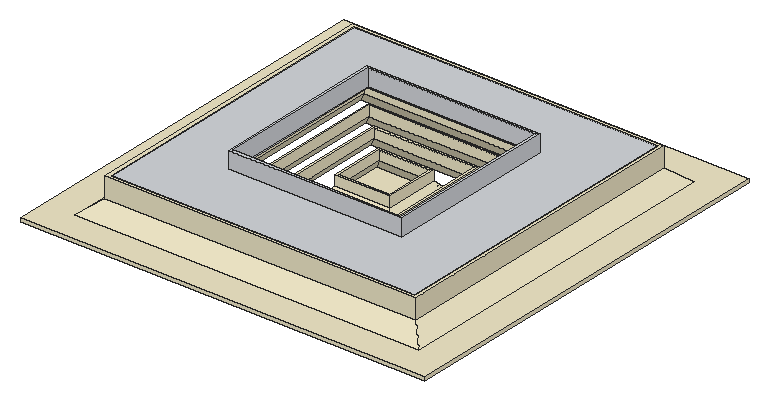
Revit family "Square Diffuser-Square Neck-Fresh Air", category Air Terminals, Revit 2013
Parameters (values of type "600x600-Square Diffuser-Round Neck-Supply")
  UpFlowArrow [instance] = yes
  Title 1 = ""
  Pressure Drop [instance] = 14.0 Pa
  RightFlowArrow [instance] = yes
  Max Flow = 125.0 L/s
  LeftFlowArrow [instance] = yes
  Flow [instance] = 100.0 L/s
  Diffuser Service [instance] = "FA"
  Diffuser Neck Length = 450 mm
  Diffuser Neck Width = 450 mm
  DownFlowArrow [instance] = yes
  Diffuser Total Length = Diffuser Neck Length + 150.0 mm  # 600.0 mm
  Diffuser Total Width = Diffuser Neck Width + 150.0 mm  # 600.0 mm
  Description = ""
  Connection Length [instance] = if(Air Flow < 56.0 L/s, 150.0 mm, if(Air Flow < 91.0 L/s, 200.0 mm, if(Air Flow < 141.0 L/s, 250.0 mm, if(Air Flow < 191.0 L/s, 300.0 mm, if(Air Flow < 301.0 L/s, 300.0 mm, if(Air Flow < 251.0 L/s, 350.0 mm, 400.0 mm))))))  # 250 mm
  Assembly Code = ""
  Air Flow [instance] = Flow  # 100.0 L/s
Types (5, lengths in mm): name | Max Flow | Flow | Diffuser Service | Diffuser Neck Length | Diffuser Neck Width | Diffuser Total Length | Diffuser Total Width | Connection Length | Air Flow
  600x600-Square Diffuser-Round Neck-Supply | 125.0 L/s | 100.0 L/s | "FA" | 450 | 450 | 600.0 | 600.0 | 250 | 100.0 L/s
  525x525-Square Diffuser-Round Neck-Supply | 70.0 L/s | 70.0 L/s | "SD" | 375 | 375 | 525.0 | 525.0 | 200 | 70.0 L/s
  450x450-Square Diffuser-Round Neck-Supply | 70.0 L/s | 70.0 L/s | "SD" | 300 | 300 | 450.0 | 450.0 | 200 | 70.0 L/s
  300x300-Square Diffuser-Round Neck-Supply | 30.0 L/s | 65.0 L/s | "SD" | 225 | 225 | 375.0 | 375.0 | 200 | 65.0 L/s
  375x375-Square Diffuser-Round Neck-Supply | 120.0 L/s | 120.0 L/s | "SD" | 225 | 225 | 375.0 | 375.0 | 250 | 120.0 L/s
Reference planes
  plane 1 "Center (Front/Back)": y = 0
  plane 2: z = 0
  plane 3 "Center (Left/Right)": x = 0
  plane 4: x = -225
  plane 5: x = 225
  plane 6: x = -230
  plane 7: x = 230
  plane 8: y = 225
  plane 9: y = -225
  plane 10: y = 230
  plane 11: y = -230
  plane 12: z = -5
  plane 13: x = -255
  plane 14: x = -300
  plane 15: x = 255
  plane 16: x = 300
  plane 17: z = 20
  plane 18 "Neck": z = 50
  plane 19: y = 350
  plane 20: x = 350
  plane 21: y = -350
  plane 22: x = -350
  plane 23 "Duct Conn": z = 75
  plane 24: x = 125
  plane 25: y = -125
  plane 26: y = 125
  plane 27: y = 128
  plane 28: y = -128
  plane 29: x = -125
  plane 30: x = -128
  plane 31: x = 128
Forms (mm)
  Sweep 1, solid, material "Grille"
    path origin (0, 0, 0) x (1, 0, 0) y (0, 1, 0)
      loop
        line (-230, -230) -> (230, -230) -> (230, 230) -> (-230, 230) -> (-230, -230)
    profile origin (-230, 0, 0) x (-1, 0, 0) y (0, 0, 1)
      loop
        line (70, -5) -> (70, 0) -> (25, 0) -> (0, 20) -> (0, 50) -> (-5, 50) -> (-5, 17.597) -> (23.246, -5) -> (70, -5)
  Sweep 2, solid, material "Grille"
    path origin (0, 0, 0) x (1, 0, 0) y (0, 1, 0)
      loop
        line (-212.5, -212.5) -> (212.5, -212.5) -> (212.5, 212.5) -> (-212.5, 212.5) -> (-212.5, -212.5)
    profile "Sq Diff Fins : Sq Diff Fins" origin (-212.5, 0, 0) x (-1, 0, 0) y (0, 0, 1)
      loop
        line (0, -5) -> (-22, 20) -> (-22, 35) -> (-25, 35) -> (-25, 20) -> (-3.5, -5) -> (0, -5)
  Sweep 3, solid, material "Grille"
    path origin (0, 0, 0) x (1, 0, 0) y (0, 1, 0)
      loop
        line (-175, -175) -> (175, -175) -> (175, 175) -> (-175, 175) -> (-175, -175)
    profile "Sq Diff Fins : Sq Diff Fins" origin (-175, 0, 0) x (-1, 0, 0) y (0, 0, 1)
      loop
        line (0, -5) -> (-22, 20) -> (-22, 35) -> (-25, 35) -> (-25, 20) -> (-3.5, -5) -> (0, -5)
  Sweep 4, solid, material "Grille"
    path origin (0, 0, 0) x (1, 0, 0) y (0, 1, 0)
      loop
        line (-137.5, -137.5) -> (137.5, -137.5) -> (137.5, 137.5) -> (-137.5, 137.5) -> (-137.5, -137.5)
    profile "Sq Diff Fins : Sq Diff Fins" origin (-137.5, 0, 0) x (-1, 0, 0) y (0, 0, 1)
      loop
        line (0, -5) -> (-22, 20) -> (-22, 35) -> (-25, 35) -> (-25, 20) -> (-3.5, -5) -> (0, -5)
  Sweep 5, solid, material "Grille"
    path origin (0, 0, 0) x (1, 0, 0) y (0, 1, 0)
      loop
        line (-100, -100) -> (100, -100) -> (100, 100) -> (-100, 100) -> (-100, -100)
    profile "Sq Diff Fins : Sq Diff Fins" origin (-100, 0, 0) x (-1, 0, 0) y (0, 0, 1)
      loop
        line (0, -5) -> (-22, 20) -> (-22, 35) -> (-25, 35) -> (-25, 20) -> (-3.5, -5) -> (0, -5)
  Sweep 6, solid, material "Grille"
    path origin (0, 0, 0) x (1, 0, 0) y (0, 1, 0)
      loop
        line (-62.5, -62.5) -> (62.5, -62.5) -> (62.5, 62.5) -> (-62.5, 62.5) -> (-62.5, -62.5)
    profile "Sq Diff Fins : Sq Diff Fins" origin (-62.5, 0, 0) x (-1, 0, 0) y (0, 0, 1)
      loop
        line (0, -5) -> (-22, 20) -> (-22, 35) -> (-25, 35) -> (-25, 20) -> (-3.5, -5) -> (0, -5)
  Extrusion 7, solid, material "Grille"
    sketch origin (0, 0, 0) x (1, 0, 0) y (0, 1, 0)
      loop
        line (-62.5, -62.5) -> (62.5, -62.5) -> (62.5, 62.5) -> (-62.5, 62.5) -> (-62.5, -62.5)
    from -5 to -4
  Extrusion 8, solid
    sketch origin (0, 0, 0) x (1, 0, 0) y (0, 1, 0)
      loop
        line (-225, -225) -> (225, -225) -> (225, 225) -> (-225, 225) -> (-225, -225)
    from 50 to 48
  Extrusion 9, solid
    sketch origin (0, 0, 75) x (-1, 0, 0) y (0, -1, 0)
      loop
        line (125, 125) -> (-125, 125) -> (-125, -125) -> (125, -125) -> (125, 125)
      loop
        line (128, 128) -> (-128, 128) -> (-128, -128) -> (128, -128) -> (128, 128)
    from 0 to -25
  Extrusion 10, void
    sketch origin (0, 0, 50) x (-1, 0, 0) y (0, -1, 0)
      loop
        line (125, 125) -> (-125, 125) -> (-125, -125) -> (125, -125) -> (125, 125)
    from 0 to -2
Cuts and joins
  Extrusion 10 cuts Extrusion 8
Lines and regions (mm)
  symbolic lines
    curve 1: line (-300, 300, 0) -> (300, 300, 0)
    curve 2: line (-300, -300, 0) -> (-300, 300, 0)
    curve 3: line (300, -300, 0) -> (-300, -300, 0)
    curve 4: line (300, 300, 0) -> (300, -300, 0)
    curve 5: line (300, 300, 0) -> (-300, -300, 0)
    curve 6: line (-300, 300, 0) -> (300, -300, 0)
Dimensions and locks
  equal spacing: plane 5, plane 3 "Center (Left/Right)", plane 4
  "Diffuser Neck Length": plane 5 to plane 4
  locked: plane 6 to plane 4 at 5
  locked: plane 7 to plane 5 at 5
  equal spacing: plane 8, plane 1 "Center (Front/Back)", plane 9
  "Diffuser Neck Width": plane 8 to plane 9
  locked: plane 9 to plane 11 at 5
  locked: plane 10 to plane 8 at 5
  locked: level to plane 12 at 5
  locked: plane 4 to plane 13 at 30
  locked: plane 13 to plane 14 at 45
  locked: plane 15 to plane 5 at 30
  locked: plane 16 to plane 15 at 45
  locked: plane 17 to level at 20
  locked: plane 18 "Neck" to plane 17 at 30
  plane 5 to plane 20 = 125.0 mm
  plane 22 to plane 4 = 125.0 mm
  plane 19 to plane 8 = 125.0 mm
  plane 9 to plane 21 = 125.0 mm
  plane 23 "Duct Conn" to plane 18 "Neck" = 25.0 mm
  equal spacing: plane 26, plane 1 "Center (Front/Back)", plane 25
  "Connection Length": plane 26 to plane 25
  locked: plane 25 to plane 28 at 3
  locked: plane 27 to plane 26 at 3
  equal spacing: plane 29, plane 3 "Center (Left/Right)", plane 24
  "Connection Length": plane 29 to plane 24
  locked: plane 24 to plane 31 at 3
  locked: plane 30 to plane 29 at 3
  aligned and locked: plane 20 to nested 1
  aligned and locked: nested 3 to plane 22
  aligned and locked: plane 19 to nested 2
  aligned and locked: nested 4 to plane 21
Automatic sketch dimensions
  Sweep 1 sketch curve to plane 10 = 0.0 mm
  Sweep 1 sketch curve to plane 6 = 0.0 mm
  Sweep 1 sketch curve to plane 7 = 0.0 mm
  Sweep 1 sketch curve to plane 11 = 0.0 mm
  Sweep 1 sketch curve to profile plane = 0.0 mm
  Sweep 1 sketch curve to level = 0.0 mm
  Sweep 1 sketch curve to Sweep 1 sketch curve = 5.0 mm
  Sweep 1 sketch curve to profile plane = 25.0 mm
  Sweep 1 sketch curve to Sweep 1 sketch curve = 45.0 mm
  Sweep 1 sketch curve to level = 5.0 mm
  Sweep 1 sketch curve to Sweep 1 sketch curve = 1.754 mm
  level to Sweep 1 sketch curve = 20.0 mm
  Sweep 1 sketch curve to Sweep 1 sketch curve = 30.0 mm
  Sweep 1 sketch curve to Sweep 1 sketch curve = 2.403 mm
  Sweep 2 sketch curve to plane 8 = 12.5 mm
  plane 4 to Sweep 2 sketch curve = 12.5 mm
  plane 9 to Sweep 2 sketch curve = 12.5 mm
  Sweep 2 sketch curve to plane 5 = 12.5 mm
  plane 4 to Sweep 3 sketch curve = 50.0 mm
  Sweep 3 sketch curve to plane 8 = 50.0 mm
  Sweep 3 sketch curve to plane 5 = 50.0 mm
  plane 9 to Sweep 3 sketch curve = 50.0 mm
  plane 4 to Sweep 4 sketch curve = 87.5 mm
  Sweep 4 sketch curve to plane 8 = 87.5 mm
  Sweep 4 sketch curve to plane 5 = 87.5 mm
  plane 9 to Sweep 4 sketch curve = 87.5 mm
  Sweep 5 sketch curve to plane 3 "Center (Left/Right)" = 100.0 mm
  Sweep 5 sketch curve to plane 1 "Center (Front/Back)" = 100.0 mm
  plane 3 "Center (Left/Right)" to Sweep 5 sketch curve = 100.0 mm
  plane 1 "Center (Front/Back)" to Sweep 5 sketch curve = 100.0 mm
  Sweep 6 sketch curve to plane 3 "Center (Left/Right)" = 62.5 mm
  Sweep 6 sketch curve to plane 1 "Center (Front/Back)" = 62.5 mm
  plane 3 "Center (Left/Right)" to Sweep 6 sketch curve = 62.5 mm
  plane 1 "Center (Front/Back)" to Sweep 6 sketch curve = 62.5 mm
  Extrusion 7 sketch curve to plane 3 "Center (Left/Right)" = 62.5 mm
  plane 1 "Center (Front/Back)" to Extrusion 7 sketch curve = 62.5 mm
  plane 3 "Center (Left/Right)" to Extrusion 7 sketch curve = 62.5 mm
  Extrusion 7 sketch curve to plane 1 "Center (Front/Back)" = 62.5 mm
  Extrusion 8 sketch curve to plane 4 = 0.0 mm
  Extrusion 8 sketch curve to plane 5 = 0.0 mm
  Extrusion 8 sketch curve to plane 9 = 0.0 mm
  Extrusion 8 sketch curve to plane 8 = 0.0 mm
  curve 1 to plane 14 = 0.0 mm
  plane 21 to curve 3 = 50.0 mm
  curve 6 to plane 16 = 0.0 mm
  curve 4 to plane 19 = 50.0 mm
  Extrusion 9 sketch curve to plane 27 = 0.0 mm
  Extrusion 9 sketch curve to plane 31 = 0.0 mm
  Extrusion 9 sketch curve to plane 24 = 0.0 mm
  Extrusion 9 sketch curve to plane 26 = 0.0 mm
  Extrusion 9 sketch curve to plane 29 = 0.0 mm
  Extrusion 9 sketch curve to plane 30 = 0.0 mm
  Extrusion 9 sketch curve to plane 25 = 0.0 mm
  Extrusion 9 sketch curve to plane 28 = 0.0 mm
  Extrusion 10 sketch curve to plane 24 = 0.0 mm
  Extrusion 10 sketch curve to plane 26 = 0.0 mm
  Extrusion 10 sketch curve to plane 29 = 0.0 mm
  Extrusion 10 sketch curve to plane 25 = 0.0 mm
Nested families
  nested 1: "SDIFF-ARR" at (350, 0, 0), visible <- "RightFlowArrow", type "Suppy Diffuser Arrow"
  nested 2: "SDIFF-ARR" at (0, 350, 0) x (0, 1, 0) z (0, 0, 1), visible <- "UpFlowArrow", type "Suppy Diffuser Arrow"
  nested 3: "SDIFF-ARR" at (-350, 0, 0) x (-1, 0, 0) z (0, 0, 1), visible <- "LeftFlowArrow", type "Suppy Diffuser Arrow"
  nested 4: "SDIFF-ARR" at (0, -350, 0) x (0, -1, 0) z (0, 0, 1), visible <- "DownFlowArrow", type "Suppy Diffuser Arrow"
Connectors
  hvac at (0, 0, 75), driven by "Connection Length", driven by "Connection Length"
    settings: on Extrusion 9, index 1, duct flow 0.0 L/s, flow factor 0, pres drop 0.0 Pa, loss coef 0, conn angle 0.00°, conn width 250 mm, conn height 250 mm, conn radius 304.8 mm, duct sys type 1, conn prof type 1, flow config 0, flow direction 0, loss method 0, conn ref index -1, conn util no, is conn primary yes, conn desc ""
Definition of nested family "SDIFF-ARR"
  Parameters (values of type "Suppy Diffuser Arrow")
    Width = (Length / 2) / cos(15.00°)  # 310.583 mm
    Length = 600 mm
  Reference planes
    plane 1 "Center (Front/Back)": y = 0
    plane 2: z = 0
    plane 3 "Center (Left/Right)": x = 0
  Lines and regions (mm)
    Filled region 1, type "Solid Fill - Black", in view "Ref. Level"
      outline origin (0, 0, 0) x (1, 0, 0) y (0, 1, 0)
        loop
          line (0, -8.001) -> (100, -8.001) -> (100, -40.402) -> (200, 0) -> (100, 40.402) -> (100, 8) -> (0, 8) -> (0, -8.001)
    detail lines, in view "Ref. Level"
      curve 1: line (0, -8.001, 0) -> (0, 8, 0)
      curve 2: line (0, 8, 0) -> (100, 8, 0)
      curve 3: line (100, 8, 0) -> (100, 40.402, 0)
      curve 4: line (100, 40.402, 0) -> (200, 0, 0)
      curve 5: line (200, 0, 0) -> (100, -40.402, 0)
      curve 6: line (100, -40.402, 0) -> (100, -8.001, 0)
      curve 7: line (0, -8.001, 0) -> (100, -8.001, 0)
